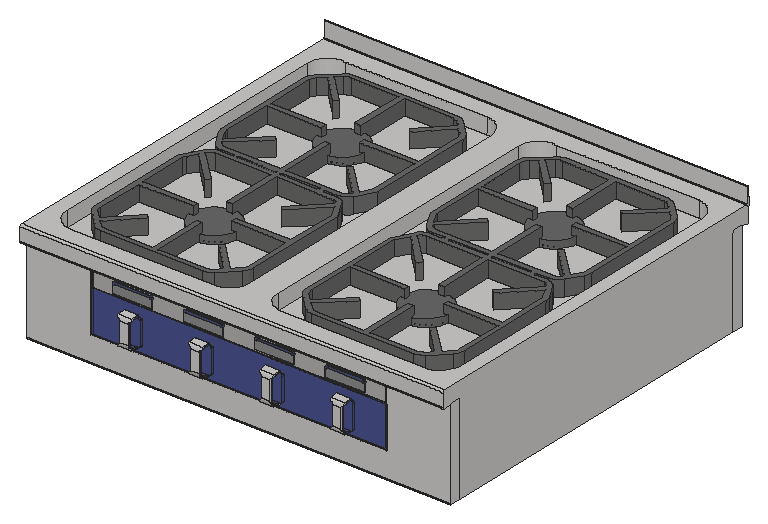
Revit family "QF_ELECTROLUXPROFESSIONAL_593308_MCGDACEOVO", category Specialty Equipment, Revit 2018
Family settings
  Round Connector Dimension = Use Diameter
  Part Type = Normal
  Work Plane-Based = No
  Always vertical = Yes
  Cut with Voids When Loaded = No
  Shared = No
  Room Calculation Point = No
Parameters (values of type "Standard")
  Weight = 41.00 kg
  Watts = 0 W
  Volts = 0 V
  URL Manufacturer = "http://professional.electrolux.com"
  URL = "http://professional.electrolux.com"
  Steam Supply Size = 0"
  Steam Supply Minimum Pressure = 0.00 psi
  Steam Supply Maximum Pressure = 0.00 psi
  Steam Pounds per Hour = 0
  Refrigeration Suction Line Size = 0 mm
  Refrigeration Liquid Line Size = 0 mm
  Refrigerant Compressor Remote = yes
  Phase = 0
  Model = "MCGDACEOVO"
  Manufacturer = "Electrolux Professional"
  Length Actual = 500 mm  # constant formula
  Item Number = "593308"
  Hot Water Size = 0"
  Height Actual = 250 mm  # constant formula
  HP = "0 HP"
  Gas Size = 1/2"
  Gas KW = 17
  Gas Input Pressure = 1.63571 Btu/h
  Direct Waste Size = 0"
  Description = "GAS TOP,2B,TOWNGAS,2S,500X900X250H"
  Depth Actual = 900 mm  # constant formula
  Cycle = 0 Hz
  Condensate Return Size = 0"
  Compressed Air Volume = 0 GPM
  Compressed Air Size = 0"
  Compressed Air Pressure = 0.00 psi
  Cold Water Size = 0"
  Back Panel [instance] = yes
  Accessory = yes
Reference planes
  plane 1 "BACK": y = 0
  plane 2: z = 0
  plane 3 "LEFT": x = 0
  plane 4 "RIGHT": x = 1000
  plane 5 "FRONT": y = -900
  plane 6 "TOP": z = 250
  plane 7: x = 500
  plane 8: y = -450
  plane 9: z = 288.006
  plane 10: x = 965
  plane 11: y = -60.425
Forms (mm)
  Extrusion 1, solid, material "QF_Finishes_Stainless Steel"
    sketch origin (0, -487.128, 0) x (0, 1, 0) y (0, 0, 1)
      loop
        line (483.128, 250) -> (-408.872, 250)
        arc (-408.872, 250) -> (-411.7, 248.828) -> (-412.872, 246) r 4
        line (-412.872, 246) -> (-412.872, 214)
        arc (-412.872, 214) -> (-411.437, 210.931) -> (-408.161, 210.064) r 4
        line (-408.161, 210.064) -> (-392.872, 213) -> (-367.872, 213) -> (-367.872, 0) -> (441.714, 0) -> (441.714, 213) -> (465.765, 213) -> (482.433, 210.061)
        arc (482.433, 210.061) -> (485.699, 210.936) -> (487.128, 214) r 4
        line (487.128, 214) -> (487.128, 246)
        arc (487.128, 246) -> (485.956, 248.828) -> (483.128, 250) r 4
    from 0 to 1000
  Extrusion 2, solid, material "QF_Finishes_Stainless Steel", visible <- "Back Panel"
    sketch origin (0, 0.586, 0) x (0, 1, 0) y (0, 0, 1)
      loop
        line (-46, 0) -> (-21, 0) -> (-21, 212.833) -> (-21.949, 213) -> (-46, 213) -> (-46, 0)
    from 0 to 1000
  Extrusion 3, void
    sketch origin (653.786, 44.048, 250) x (1, 0, 0) y (0, -1, 0)
      loop
        line (-570.234, 89.462) -> (-234.333, 89.462)
        arc (-234.333, 89.462) -> (-199.707, 103.805) -> (-185.364, 138.432) r 48.97
        line (-185.364, 138.432) -> (-185.364, 850.078)
        arc (-185.364, 850.078) -> (-199.707, 884.705) -> (-234.333, 899.048) r 48.97
        line (-234.333, 899.048) -> (-570.234, 899.048)
        arc (-570.234, 899.048) -> (-605.59, 884.403) -> (-620.234, 849.048) r 50
        line (-620.234, 849.048) -> (-620.234, 139.462)
        arc (-620.234, 139.462) -> (-605.59, 104.107) -> (-570.234, 89.462) r 50
      loop
        line (264.679, 899.048) -> (-71.222, 899.048)
        arc (-71.222, 899.048) -> (-106.577, 884.403) -> (-121.222, 849.048) r 50
        line (-121.222, 849.048) -> (-121.222, 139.462)
        arc (-121.222, 139.462) -> (-106.577, 104.107) -> (-71.222, 89.462) r 50
        line (-71.222, 89.462) -> (264.679, 89.462)
        arc (264.679, 89.462) -> (299.306, 103.805) -> (313.649, 138.432) r 48.97
        line (313.649, 138.432) -> (313.649, 850.078)
        arc (313.649, 850.078) -> (299.306, 884.705) -> (264.679, 899.048) r 48.97
    from 0 to 37
  Extrusion 4, solid, material "QF_Finishes_Stainless Steel"
    sketch origin (10, -759, 0) x (1, 0, 0) y (0, -1, 0)
      loop
        circle (955, -169) r 6.35
    from 0 to 3.2
  Extrusion 5, solid, material "QF_Finishes_Stainless Steel"
    sketch origin (0, -950.048, 0) x (0, -1, 0) y (0, 0, -1)
      loop
        arc (-948.097, -252.006) -> (-947.511, -250.592) -> (-946.097, -250.006) r 2
        arc (-946.097, -250.006) -> (-948.877, -248.828) -> (-950.048, -246) r 4
        line (-950.048, -246) -> (-950.048, -288.006) -> (-948.097, -288.006) -> (-948.097, -252.006)
    from 0 to 1000
Cuts and joins
  Extrusion 3 cuts Extrusion 1
Lines and regions (mm)
  symbolic lines
    curve 1: line (0, 0, 0) -> (1000, 0, 0)
    curve 2: line (0, -900, 0) -> (0, 0, 0)
    curve 3: line (1000, -900, 0) -> (0, -900, 0)
    curve 4: line (1000, 0, 0) -> (1000, -900, 0)
    curve 5: arc (83.552, -855, 0) -> (48.197, -840.355, 0) -> (33.552, -805, 0) r 50
    curve 6: line (33.552, -805, 0) -> (33.552, -95.414, 0)
    curve 7: arc (33.552, -95.414, 0) -> (48.197, -60.059, 0) -> (83.552, -45.414, 0) r 50
    curve 8: line (83.552, -45.414, 0) -> (417.592, -45.414, 0)
    curve 9: arc (918.465, -45.414, 0) -> (953.092, -59.757, 0) -> (967.435, -94.384, 0) r 48.97
    curve 10: line (967.435, -94.384, 0) -> (967.435, -806.03, 0)
    curve 11: arc (967.435, -806.03, 0) -> (953.092, -840.657, 0) -> (918.465, -855, 0) r 48.97
    curve 12: line (918.465, -855, 0) -> (582.408, -855, 0)
    curve 13: line (582.408, -45.414, 0) -> (918.465, -45.414, 0)
    curve 14: line (417.592, -855, 0) -> (83.552, -855, 0)
    curve 15: arc (582.408, -855, 0) -> (547.053, -840.355, 0) -> (532.408, -805, 0) r 50
    curve 16: line (532.408, -805, 0) -> (532.408, -95.414, 0)
    curve 17: arc (532.408, -95.414, 0) -> (547.053, -60.059, 0) -> (582.408, -45.414, 0) r 50
    curve 18: arc (417.592, -855, 0) -> (452.947, -840.355, 0) -> (467.592, -805, 0) r 50
    curve 19: line (467.592, -805, 0) -> (467.592, -95.414, 0)
    curve 20: arc (467.592, -95.414, 0) -> (452.947, -60.059, 0) -> (417.592, -45.414, 0) r 50
    curve 21: line (0, -1.951, 0) -> (1000, -1.951, 0)
Dimensions and locks
  plane 3 "LEFT" to plane 4 "RIGHT" = 1000 mm
  plane 5 "FRONT" to plane 1 "BACK" = 900 mm
  equal spacing: plane 3 "LEFT", plane 7, plane 4 "RIGHT"
  equal spacing: plane 5 "FRONT", plane 8, plane 1 "BACK"
  plane 6 "TOP" to level = 250 mm  (x2)
  plane 1 "BACK" to plane 5 "FRONT" = 900 mm
  Extrusion 4 sketch curve to plane 1 "BACK" = 590 mm
  Extrusion 4 sketch curve to plane 4 "RIGHT" = 35 mm
  plane 1 "BACK" to Extrusion 4 = 590 mm
  plane 10 to plane 4 "RIGHT" = 35 mm
  plane 9 to plane 6 "TOP" = 38.006 mm
  plane 9 to level = 288.006 mm
  aligned and locked: level to plane 2
  aligned and locked: Extrusion 1 to plane 4 "RIGHT"
Automatic sketch dimensions
  Extrusion 1 sketch curve to plane 5 "FRONT" = 0 mm
  Extrusion 1 sketch curve to plane 6 "TOP" = 0 mm
  Extrusion 1 sketch curve to level = 0 mm
  Extrusion 1 sketch curve to plane 1 "BACK" = 0 mm
  Extrusion 1 sketch curve to plane 6 "TOP" = 37 mm  (x2)
  Extrusion 1 sketch curve to plane 5 "FRONT" = 4 mm
  Extrusion 1 sketch curve to plane 5 "FRONT" = 20 mm
  Extrusion 1 sketch curve to plane 5 "FRONT" = 45 mm
  plane 1 "BACK" to Extrusion 1 sketch curve = 21.363 mm
  plane 1 "BACK" to Extrusion 1 sketch curve = 4 mm  (x2)
  Extrusion 1 sketch curve to Extrusion 1 sketch curve = 4 mm
  Extrusion 1 sketch curve to Extrusion 1 sketch curve = 0.711 mm
  plane 1 "BACK" to Extrusion 1 sketch curve = 4.695 mm
  Extrusion 1 sketch curve to Extrusion 1 sketch curve = 0 mm  (x2)
  Extrusion 1 sketch curve to Extrusion 1 sketch curve = 1 mm  (x2)
  plane 1 "BACK" to Extrusion 1 sketch curve = 45.414 mm
  Extrusion 2 sketch curve to level = 0 mm
  plane 11 to Extrusion 2 sketch curve = 15.012 mm
  Extrusion 2 sketch curve to plane 6 "TOP" = 37.167 mm
  Extrusion 2 sketch curve to Extrusion 2 sketch curve = 0.949 mm
  plane 1 "BACK" to Extrusion 2 sketch curve = 20.414 mm
  Extrusion 2 sketch curve to plane 6 "TOP" = 37 mm
  Extrusion 5 sketch curve to plane 1 "BACK" = 0 mm  (x2)
  Extrusion 5 sketch curve to plane 6 "TOP" = 2.006 mm
  Extrusion 5 sketch curve to plane 6 "TOP" = 0 mm
  Extrusion 5 sketch curve to Extrusion 5 sketch curve = 1.951 mm
  Extrusion 5 sketch curve to Extrusion 5 sketch curve = 2 mm
  Extrusion 5 sketch curve to Extrusion 5 sketch curve = 0.049 mm
  Extrusion 5 sketch curve to Extrusion 5 sketch curve = 36 mm
  Extrusion 5 sketch curve to Extrusion 5 sketch curve = 0 mm
  plane 1 "BACK" to curve 1 = 0 mm
  curve 1 to plane 4 "RIGHT" = 0 mm
  curve 2 to plane 3 "LEFT" = 0 mm
  plane 5 "FRONT" to curve 2 = 0 mm
  curve 21 to plane 3 "LEFT" = 0 mm
  curve 10 to plane 10 = 2.435 mm
  plane 10 to curve 12 = 46.535 mm
  plane 11 to curve 13 = 15.012 mm
  plane 10 to curve 13 = 46.535 mm
  plane 7 to curve 12 = 82.408 mm
  plane 7 to curve 13 = 82.408 mm
  plane 7 to curve 16 = 32.408 mm
  curve 19 to plane 7 = 32.408 mm
  curve 14 to plane 5 "FRONT" = 45 mm
  curve 19 to curve 14 = 50 mm
  plane 11 to curve 8 = 15.012 mm
  curve 19 to curve 8 = 50 mm
  plane 3 "LEFT" to curve 8 = 83.552 mm
  plane 3 "LEFT" to curve 14 = 83.552 mm
  plane 3 "LEFT" to curve 6 = 33.552 mm
  curve 18 to curve 16 = 0 mm
  curve 1 to curve 21 = 1.951 mm
  Extrusion 1 to Extrusion 3 sketch curve = 33.552 mm
  Extrusion 1 to Extrusion 3 sketch curve = 41 mm  (x2)
  Extrusion 3 sketch curve to Extrusion 3 sketch curve = 50 mm  (x4)
  Extrusion 1 to Extrusion 3 sketch curve = 41.414 mm
  Extrusion 3 sketch curve to Extrusion 3 sketch curve = 335.901 mm  (x2)
  Extrusion 3 sketch curve to Extrusion 3 sketch curve = 48.97 mm
  Extrusion 3 sketch curve to Extrusion 3 sketch curve = 64.142 mm
  Extrusion 1 to Extrusion 3 sketch curve = 81.535 mm  (x2)
  Extrusion 1 to Extrusion 3 sketch curve = 32.565 mm
  Extrusion 3 sketch curve to Extrusion 3 sketch curve = 1.03 mm
  radius of Extrusion 4 sketch curve = 6.35 mm
Nested families
  nested 1: "OBT_900_Open Burner" at (250, -450.207, -649.319), type "OBT_900_Open Burner"
  nested 2: "OBT_900_Open Burner" at (750, -450.207, -649.319) x (-1, 0, 0) z (0, 0, 1), type "OBT_900_Open Burner"
  nested 3: "EG_900_1000_Four Range Control Handle Front Panel" at (202.376, -855, -650), type "EG_900_1000_Four Range Control Handle Front Panel"
Connectors
  piping at (965, -590, -3.2), diameter 12.8
    settings: on Extrusion 4, index 1, connector inside diameter 0.50394", connector length 0 mm, flow factor 0, pipe flow 0 GPM, pressure drop 0.00 psi, fitting loss kfactor 0, connector angle 0.00°, fixture units 0, engagement length 0 mm, angle of deflection 0.00°, flow configuration 1, flow direction 1, fitting loss method 0, system type 7, joint type 0, gender type 0, connector reference index -1, connector utility 0, adjustable connector no, is connector primary yes, connector description "GAS CONNECTION"
Definition of nested family "OBT_900_Open Burner"
  Reference planes
    plane 1 "Center (Front/Back)": y = 0
    plane 2: z = 0
    plane 3 "Center (Left/Right)": x = 0
    plane 4: x = -186.448
    plane 5: x = 187.435
    plane 6: y = 374.793
    plane 7: y = -374.793
    plane 8: y = -188.326
  Forms (mm)
    Extrusion 1, solid
      sketch origin (2130.573, 56.896, -679.622) x (1, 0, 0) y (0, 1, 0)
        loop
          line (-2137.44, 306.49) -> (-2250.793, 306.49)
          arc (-2250.793, 306.49) -> (-2257.908, 305.075) -> (-2263.94, 301.044) r 18.593
          line (-2263.94, 301.044) -> (-2276.233, 288.751) -> (-2213.48, 225.998) -> (-2221.6, 217.877) -> (-2284.354, 280.631) -> (-2300.33, 264.654)
          arc (-2300.33, 264.654) -> (-2304.433, 258.337) -> (-2305.614, 250.897) r 18.125
          line (-2305.614, 250.897) -> (-2305.614, 138.422) -> (-2175.79, 138.422) -> (-2175.79, 126.938) -> (-2305.614, 126.938) -> (-2305.614, 10.897)
          arc (-2305.614, 10.897) -> (-2304.981, 6.085) -> (-2303.123, 1.601) r 18.593
          line (-2303.123, 1.601) -> (-2290.078, -20.994) -> (-2221.6, 47.483) -> (-2213.48, 39.363) -> (-2284.012, -31.169)
          arc (-2284.012, -31.169) -> (-2278.546, -38.527) -> (-2270.23, -42.379) r 18.593
          line (-2270.23, -42.379) -> (-2137.44, -42.379) -> (-2137.44, 87.464) -> (-2123.707, 87.464) -> (-2123.707, -42.379) -> (-1989.813, -42.379)
          arc (-1989.813, -42.379) -> (-1981.496, -38.527) -> (-1976.031, -31.169) r 18.593
          line (-1976.031, -31.169) -> (-2047.115, 39.915) -> (-2038.994, 48.035) -> (-1969.962, -20.997) -> (-1954.428, 5.916) -> (-1954.428, 126.938) -> (-2085.357, 126.938) -> (-2085.357, 138.422) -> (-1954.428, 138.422) -> (-1954.428, 247.888)
          arc (-1954.428, 247.888) -> (-1956.538, 258.496) -> (-1962.547, 267.489) r 27.72
          line (-1962.547, 267.489) -> (-1975.689, 280.631) -> (-2038.994, 217.325) -> (-2047.115, 225.446) -> (-1983.809, 288.751) -> (-1996.102, 301.044)
          arc (-1996.102, 301.044) -> (-2002.134, 305.075) -> (-2009.25, 306.49) r 18.593
          line (-2009.25, 306.49) -> (-2123.707, 306.49) -> (-2123.707, 177.897) -> (-2137.44, 177.897) -> (-2137.44, 306.49)
        loop
          arc (-2317.021, 10.897) -> (-2315.999, 3.132) -> (-2313.002, -4.103) r 30
          line (-2313.002, -4.103) -> (-2292.795, -39.103)
          arc (-2292.795, -39.103) -> (-2281.814, -50.084) -> (-2266.814, -54.103) r 30
          line (-2266.814, -54.103) -> (-2239.287, -54.103)
          arc (-2239.287, -54.103) -> (-2238.243, -56) -> (-2236.272, -56.896) r 3.438
          arc (-2236.272, -56.896) -> (-2238.243, -57.792) -> (-2239.287, -59.689) r 3.438
          line (-2239.287, -59.689) -> (-2266.814, -59.689)
          arc (-2266.814, -59.689) -> (-2281.814, -63.708) -> (-2292.795, -74.689) r 30
          line (-2292.795, -74.689) -> (-2313.002, -109.689)
          arc (-2313.002, -109.689) -> (-2315.999, -116.924) -> (-2317.021, -124.689) r 30
          line (-2317.021, -124.689) -> (-2317.021, -365.461)
          arc (-2317.021, -365.461) -> (-2314.738, -376.941) -> (-2308.234, -386.674) r 30
          line (-2308.234, -386.674) -> (-2271.975, -422.933)
          arc (-2271.975, -422.933) -> (-2262.253, -429.414) -> (-2250.793, -431.689) r 30
          line (-2250.793, -431.689) -> (-2009.25, -431.689)
          arc (-2009.25, -431.689) -> (-1997.786, -429.412) -> (-1988.062, -422.928) r 30
          line (-1988.062, -422.928) -> (-1951.808, -386.674)
          arc (-1951.808, -386.674) -> (-1945.305, -376.941) -> (-1942.982, -365.461) r 30
          line (-1942.982, -365.461) -> (-1942.982, -116.719) -> (-1967.248, -74.689)
          arc (-1967.248, -74.689) -> (-1978.229, -63.708) -> (-1993.229, -59.689) r 30
          line (-1993.229, -59.689) -> (-2020.319, -59.689)
          arc (-2020.319, -59.689) -> (-2021.979, -57.759) -> (-2024.375, -56.896) r 5
          arc (-2024.375, -56.896) -> (-2021.979, -56.033) -> (-2020.319, -54.103) r 5
          line (-2020.319, -54.103) -> (-1993.229, -54.103)
          arc (-1993.229, -54.103) -> (-1978.229, -50.084) -> (-1967.248, -39.103) r 30
          line (-1967.248, -39.103) -> (-1943.138, 2.656) -> (-1943.138, 254.314)
          arc (-1943.138, 254.314) -> (-1945.839, 264.361) -> (-1951.808, 272.882) r 30
          line (-1951.808, 272.882) -> (-1988.062, 309.136)
          arc (-1988.062, 309.136) -> (-1997.786, 315.62) -> (-2009.25, 317.897) r 30
          line (-2009.25, 317.897) -> (-2250.793, 317.897)
          arc (-2250.793, 317.897) -> (-2262.253, 315.622) -> (-2271.975, 309.141) r 30
          line (-2271.975, 309.141) -> (-2308.234, 272.882)
          arc (-2308.234, 272.882) -> (-2314.738, 263.149) -> (-2317.021, 251.669) r 30
          line (-2317.021, 251.669) -> (-2317.021, 10.897)
        loop
          arc (-2122.397, -54.103) -> (-2124.057, -56.033) -> (-2126.452, -56.896) r 5
          arc (-2126.452, -56.896) -> (-2124.057, -57.759) -> (-2122.397, -59.689) r 5
          line (-2122.397, -59.689) -> (-2035.829, -59.689)
          arc (-2035.829, -59.689) -> (-2034.784, -57.792) -> (-2032.813, -56.896) r 3.438
          arc (-2032.813, -56.896) -> (-2034.784, -56) -> (-2035.829, -54.103) r 3.438
          line (-2035.829, -54.103) -> (-2122.397, -54.103)
        loop
          arc (-2223.778, -54.103) -> (-2225.438, -56.033) -> (-2227.833, -56.896) r 5
          arc (-2227.833, -56.896) -> (-2225.438, -57.759) -> (-2223.778, -59.689) r 5
          line (-2223.778, -59.689) -> (-2137.906, -59.689)
          arc (-2137.906, -59.689) -> (-2136.862, -57.792) -> (-2134.891, -56.896) r 3.438
          arc (-2134.891, -56.896) -> (-2136.862, -56) -> (-2137.906, -54.103) r 3.438
          line (-2137.906, -54.103) -> (-2223.778, -54.103)
        loop
          line (-2137.44, -420.282) -> (-2137.44, -290.439) -> (-2123.707, -290.439) -> (-2123.707, -420.282) -> (-2009.25, -420.282)
          arc (-2009.25, -420.282) -> (-2002.134, -418.867) -> (-1996.102, -414.836) r 18.593
          line (-1996.102, -414.836) -> (-1983.184, -401.918) -> (-2047.115, -337.988) -> (-2038.994, -329.867) -> (-1975.064, -393.798) -> (-1962.547, -381.281)
          arc (-1962.547, -381.281) -> (-1956.538, -372.288) -> (-1954.428, -361.68) r 27.72
          line (-1954.428, -361.68) -> (-1954.428, -250.964) -> (-2085.357, -250.964) -> (-2085.357, -239.48) -> (-1954.428, -239.48) -> (-1954.428, -119.708) -> (-1970.42, -92.003) -> (-2038.994, -160.577) -> (-2047.115, -152.457) -> (-1976.413, -81.755)
          arc (-1976.413, -81.755) -> (-1981.868, -74.971) -> (-1989.813, -71.413) r 18.593
          line (-1989.813, -71.413) -> (-2123.707, -71.413) -> (-2123.707, -200.006) -> (-2137.44, -200.006) -> (-2137.44, -71.413) -> (-2270.23, -71.413)
          arc (-2270.23, -71.413) -> (-2278.175, -74.971) -> (-2283.629, -81.755) r 18.593
          line (-2283.629, -81.755) -> (-2213.48, -151.905) -> (-2221.6, -160.025) -> (-2289.62, -92.005) -> (-2303.123, -115.393)
          arc (-2303.123, -115.393) -> (-2304.981, -119.877) -> (-2305.614, -124.689) r 18.593
          line (-2305.614, -124.689) -> (-2305.614, -239.48) -> (-2175.79, -239.48) -> (-2175.79, -250.964) -> (-2305.614, -250.964) -> (-2305.614, -364.689)
          arc (-2305.614, -364.689) -> (-2304.433, -372.129) -> (-2300.33, -378.446) r 18.125
          line (-2300.33, -378.446) -> (-2284.979, -393.798) -> (-2221.6, -330.419) -> (-2213.48, -338.54) -> (-2276.858, -401.918) -> (-2263.94, -414.836)
          arc (-2263.94, -414.836) -> (-2257.908, -418.867) -> (-2250.793, -420.282) r 18.593
          line (-2250.793, -420.282) -> (-2137.44, -420.282)
      from 1542.072 to 1578.941
    Extrusion 2, solid
      sketch origin (2130.573, 61.122, 0) x (1, 0, 0) y (0, 1, 0)
        loop
          circle (-2130.573, -249.448) r 55
        loop
          circle (-2130.573, 128.455) r 55
      from 862.45 to 879.837
    Extrusion 3, void
      sketch origin (-124.371, -355.785, -22.784) x (-0.587785, -0.809017, 0) y (0, 0, 1)
        loop
          circle (-213.495, 891.283) r 1
      from -67.69 to -35.114
    Extrusion 4, void
      sketch origin (-89.903, -376.417, -22.784) x (-0.422618, -0.906308, 0) y (0, 0, 1)
        loop
          circle (-213.495, 891.283) r 1
      from -74.826 to -35.114
    Extrusion 5, void
      sketch origin (-52.131, -390.093, -22.784) x (-0.241922, -0.970296, 0) y (0, 0, 1)
        loop
          circle (-213.495, 891.283) r 1
      from -67.69 to -35.114
    Extrusion 6, void
      sketch origin (27.702, -394.842, -22.784) x (0.139173, -0.990268, 0) y (0, 0, 1)
        loop
          circle (-213.495, 891.283) r 1
      from -67.69 to -35.114
    Extrusion 7, void
      sketch origin (66.829, -385.74, -22.784) x (0.325568, -0.945519, 0) y (0, 0, 1)
        loop
          circle (-213.495, 891.283) r 1
      from -67.69 to -35.114
    Extrusion 8, void
      sketch origin (103.5, -369.339, -22.784) x (0.5, -0.866025, 0) y (0, 0, 1)
        loop
          circle (-213.495, 891.283) r 1
      from -67.69 to -35.114
    Extrusion 9, void
      sketch origin (136.368, -346.242, -22.784) x (0.656059, -0.75471, 0) y (0, 0, 1)
        loop
          circle (-213.495, 891.283) r 1
      from -67.69 to -35.114
    Extrusion 10, void
      sketch origin (164.225, -317.298, -22.784) x (0.788011, -0.615661, 0) y (0, 0, 1)
        loop
          circle (-213.495, 891.283) r 1
      from -67.69 to -35.114
    Extrusion 11, void
      sketch origin (186.048, -283.571, -22.784) x (0.891007, -0.45399, 0) y (0, 0, 1)
        loop
          circle (-213.495, 891.283) r 1
      from -67.69 to -35.114
    Extrusion 12, void
      sketch origin (201.034, -246.299, -22.784) x (0.961262, -0.275637, 0) y (0, 0, 1)
        loop
          circle (-213.495, 891.283) r 1
      from -67.69 to -35.114
    Extrusion 13, void
      sketch origin (208.566, -166.681, -22.784) x (0.994522, 0.104528, 0) y (0, 0, 1)
        loop
          circle (-213.495, 891.283) r 1
      from -67.69 to -35.114
    Extrusion 14, void
      sketch origin (200.835, -127.26, -22.784) x (0.956305, 0.292372, 0) y (0, 0, 1)
        loop
          circle (-213.495, 891.283) r 1
      from -67.69 to -35.114
    Extrusion 15, void
      sketch origin (185.724, -90.039, -22.784) x (0.882948, 0.469472, 0) y (0, 0, 1)
        loop
          circle (-213.495, 891.283) r 1
      from -67.69 to -35.114
    Extrusion 16, void
      sketch origin (163.788, -56.385, -22.784) x (0.777146, 0.62932, 0) y (0, 0, 1)
        loop
          circle (-213.495, 891.283) r 1
      from -67.69 to -35.114
    Extrusion 17, void
      sketch origin (135.834, -27.534, -22.784) x (0.642788, 0.766044, 0) y (0, 0, 1)
        loop
          circle (-213.495, 891.283) r 1
      from -67.69 to -35.114
    Extrusion 18, void
      sketch origin (102.889, -4.548, -22.784) x (0.48481, 0.87462, 0) y (0, 0, 1)
        loop
          circle (-213.495, 891.283) r 1
      from -67.69 to -35.114
    Extrusion 19, void
      sketch origin (66.163, 11.73, -22.784) x (0.309017, 0.951057, 0) y (0, 0, 1)
        loop
          circle (-213.495, 891.283) r 1
      from -67.69 to -35.114
    Extrusion 20, void
      sketch origin (-52.811, 15.685, -22.784) x (-0.258819, 0.965926, 0) y (0, 0, 1)
        loop
          circle (-213.495, 891.283) r 1
      from -67.69 to -35.114
    Extrusion 21, void
      sketch origin (-90.537, 1.882, -22.784) x (-0.438371, 0.898794, 0) y (0, 0, 1)
        loop
          circle (-213.495, 891.283) r 1
      from -67.69 to -35.114
    Extrusion 22, void
      sketch origin (-124.936, -18.865, -22.784) x (-0.601815, 0.798636, 0) y (0, 0, 1)
        loop
          circle (-213.495, 891.283) r 1
      from -67.69 to -35.114
    Extrusion 23, void
      sketch origin (-154.744, -45.796, -22.784) x (-0.743145, 0.669131, 0) y (0, 0, 1)
        loop
          circle (-213.495, 891.283) r 1
      from -67.69 to -35.114
    Extrusion 24, void
      sketch origin (-178.866, -77.919, -22.784) x (-0.857167, 0.515038, 0) y (0, 0, 1)
        loop
          circle (-213.495, 891.283) r 1
      from -67.69 to -35.114
    Extrusion 25, void
      sketch origin (-196.416, -114.054, -22.784) x (-0.939693, 0.34202, 0) y (0, 0, 1)
        loop
          circle (-213.495, 891.283) r 1
      from -67.69 to -35.114
    Extrusion 26, void
      sketch origin (-204.521, -232.817, -22.784) x (-0.97437, -0.224951, 0) y (0, 0, 1)
        loop
          circle (-213.495, 891.283) r 1
      from -67.69 to -35.114
    Extrusion 27, void
      sketch origin (-192.043, -271.002, -22.784) x (-0.913545, -0.406737, 0) y (0, 0, 1)
        loop
          circle (-213.495, 891.283) r 1
      from -67.69 to -35.114
    Extrusion 28, void
      sketch origin (-172.509, -306.104, -22.784) x (-0.819152, -0.573576, 0) y (0, 0, 1)
        loop
          circle (-213.495, 891.283) r 1
      from -67.69 to -35.114
    Extrusion 29, void
      sketch origin (-146.635, -336.834, -22.784) x (-0.694658, -0.71934, 0) y (0, 0, 1)
        loop
          circle (-213.495, 891.283) r 1
      from -67.69 to -35.114
    Extrusion 30, void
      sketch origin (-124.371, 22.118, -22.784) x (-0.587785, -0.809017, 0) y (0, 0, 1)
        loop
          circle (-213.495, 891.283) r 1
      from -67.69 to -35.114
    Extrusion 31, void
      sketch origin (-89.903, 1.485, -22.784) x (-0.422618, -0.906308, 0) y (0, 0, 1)
        loop
          circle (-213.495, 891.283) r 1
      from -74.826 to -35.114
    Extrusion 32, void
      sketch origin (-52.131, -12.191, -22.784) x (-0.241922, -0.970296, 0) y (0, 0, 1)
        loop
          circle (-213.495, 891.283) r 1
      from -67.69 to -35.114
    Extrusion 33, void
      sketch origin (27.702, -16.939, -22.784) x (0.139173, -0.990268, 0) y (0, 0, 1)
        loop
          circle (-213.495, 891.283) r 1
      from -67.69 to -35.114
    Extrusion 34, void
      sketch origin (66.829, -7.837, -22.784) x (0.325568, -0.945519, 0) y (0, 0, 1)
        loop
          circle (-213.495, 891.283) r 1
      from -67.69 to -35.114
    Extrusion 35, void
      sketch origin (103.5, 8.564, -22.784) x (0.5, -0.866025, 0) y (0, 0, 1)
        loop
          circle (-213.495, 891.283) r 1
      from -67.69 to -35.114
    Extrusion 36, void
      sketch origin (136.368, 31.66, -22.784) x (0.656059, -0.75471, 0) y (0, 0, 1)
        loop
          circle (-213.495, 891.283) r 1
      from -67.69 to -35.114
    Extrusion 37, void
      sketch origin (164.225, 60.604, -22.784) x (0.788011, -0.615661, 0) y (0, 0, 1)
        loop
          circle (-213.495, 891.283) r 1
      from -67.69 to -35.114
    Extrusion 38, void
      sketch origin (186.048, 94.332, -22.784) x (0.891007, -0.45399, 0) y (0, 0, 1)
        loop
          circle (-213.495, 891.283) r 1
      from -67.69 to -35.114
    Extrusion 39, void
      sketch origin (201.034, 131.603, -22.784) x (0.961262, -0.275637, 0) y (0, 0, 1)
        loop
          circle (-213.495, 891.283) r 1
      from -67.69 to -35.114
    Extrusion 40, void
      sketch origin (208.566, 211.222, -22.784) x (0.994522, 0.104528, 0) y (0, 0, 1)
        loop
          circle (-213.495, 891.283) r 1
      from -67.69 to -35.114
    Extrusion 41, void
      sketch origin (200.835, 250.642, -22.784) x (0.956305, 0.292372, 0) y (0, 0, 1)
        loop
          circle (-213.495, 891.283) r 1
      from -67.69 to -35.114
    Extrusion 42, void
      sketch origin (185.724, 287.864, -22.784) x (0.882948, 0.469472, 0) y (0, 0, 1)
        loop
          circle (-213.495, 891.283) r 1
      from -67.69 to -35.114
    Extrusion 43, void
      sketch origin (163.788, 321.518, -22.784) x (0.777146, 0.62932, 0) y (0, 0, 1)
        loop
          circle (-213.495, 891.283) r 1
      from -67.69 to -35.114
    Extrusion 44, void
      sketch origin (135.834, 350.368, -22.784) x (0.642788, 0.766044, 0) y (0, 0, 1)
        loop
          circle (-213.495, 891.283) r 1
      from -67.69 to -35.114
    Extrusion 45, void
      sketch origin (102.889, 373.355, -22.784) x (0.48481, 0.87462, 0) y (0, 0, 1)
        loop
          circle (-213.495, 891.283) r 1
      from -67.69 to -35.114
    Extrusion 46, void
      sketch origin (66.163, 389.633, -22.784) x (0.309017, 0.951057, 0) y (0, 0, 1)
        loop
          circle (-213.495, 891.283) r 1
      from -67.69 to -35.114
    Extrusion 47, void
      sketch origin (-52.811, 393.588, -22.784) x (-0.258819, 0.965926, 0) y (0, 0, 1)
        loop
          circle (-213.495, 891.283) r 1
      from -67.69 to -35.114
    Extrusion 48, void
      sketch origin (-90.537, 379.785, -22.784) x (-0.438371, 0.898794, 0) y (0, 0, 1)
        loop
          circle (-213.495, 891.283) r 1
      from -67.69 to -35.114
    Extrusion 49, void
      sketch origin (-124.936, 359.037, -22.784) x (-0.601815, 0.798636, 0) y (0, 0, 1)
        loop
          circle (-213.495, 891.283) r 1
      from -67.69 to -35.114
    Extrusion 50, void
      sketch origin (-154.744, 332.107, -22.784) x (-0.743145, 0.669131, 0) y (0, 0, 1)
        loop
          circle (-213.495, 891.283) r 1
      from -67.69 to -35.114
    Extrusion 51, void
      sketch origin (-178.866, 299.984, -22.784) x (-0.857167, 0.515038, 0) y (0, 0, 1)
        loop
          circle (-213.495, 891.283) r 1
      from -67.69 to -35.114
    Extrusion 52, void
      sketch origin (-196.416, 263.848, -22.784) x (-0.939693, 0.34202, 0) y (0, 0, 1)
        loop
          circle (-213.495, 891.283) r 1
      from -67.69 to -35.114
    Extrusion 53, void
      sketch origin (-204.521, 145.086, -22.784) x (-0.97437, -0.224951, 0) y (0, 0, 1)
        loop
          circle (-213.495, 891.283) r 1
      from -67.69 to -35.114
    Extrusion 54, void
      sketch origin (-192.043, 106.901, -22.784) x (-0.913545, -0.406737, 0) y (0, 0, 1)
        loop
          circle (-213.495, 891.283) r 1
      from -67.69 to -35.114
    Extrusion 55, void
      sketch origin (-172.509, 71.798, -22.784) x (-0.819152, -0.573576, 0) y (0, 0, 1)
        loop
          circle (-213.495, 891.283) r 1
      from -67.69 to -35.114
    Extrusion 56, void
      sketch origin (-146.635, 41.068, -22.784) x (-0.694658, -0.71934, 0) y (0, 0, 1)
        loop
          circle (-213.495, 891.283) r 1
      from -67.69 to -35.114
  Cuts and joins
    Extrusion 3, Extrusion 4, Extrusion 5, Extrusion 6, Extrusion 7, Extrusion 8, Extrusion 9, Extrusion 10, Extrusion 11, Extrusion 12, Extrusion 13, Extrusion 14, Extrusion 15, Extrusion 16, Extrusion 17, Extrusion 18, Extrusion 19, Extrusion 20, Extrusion 21, Extrusion 22, Extrusion 23, Extrusion 24, Extrusion 25, Extrusion 26, Extrusion 27, Extrusion 28, Extrusion 29, Extrusion 30, Extrusion 31, Extrusion 32, Extrusion 33, Extrusion 34, Extrusion 35, Extrusion 36, Extrusion 37, Extrusion 38, Extrusion 39, Extrusion 40, Extrusion 41, Extrusion 42, Extrusion 43, Extrusion 44, Extrusion 45, Extrusion 46, Extrusion 47, Extrusion 48, Extrusion 49, Extrusion 50, Extrusion 51, Extrusion 52, Extrusion 53, Extrusion 54, Extrusion 55, Extrusion 56 cuts Extrusion 2
    Extrusion 32 cuts Extrusion 1
  Lines and regions (mm)
    symbolic lines
      curve 1: arc (54.699, -182.584, 0) -> (39.289, -149.838, 0) -> (6.867, -133.757, 0) r 55
      curve 2: arc (-54.699, -194.068, 0) -> (-39.289, -226.815, 0) -> (-6.867, -242.896, 0) r 55
      curve 3: line (45.217, -194.068, 0) -> (176.145, -194.068, 0)
      curve 4: line (176.145, -194.068, 0) -> (176.145, -304.784, 0)
      curve 5: arc (176.145, -304.784, 0) -> (174.035, -315.392, 0) -> (168.026, -324.385, 0) r 27.72
      curve 6: line (168.026, -324.385, 0) -> (155.51, -336.902, 0)
      curve 7: line (155.51, -336.902, 0) -> (91.579, -272.971, 0)
      curve 8: line (83.459, -281.092, 0) -> (147.389, -345.022, 0)
      curve 9: line (147.389, -345.022, 0) -> (134.471, -357.94, 0)
      curve 10: arc (134.471, -357.94, 0) -> (128.439, -361.971, 0) -> (121.324, -363.386, 0) r 18.593
      curve 11: line (121.324, -363.386, 0) -> (6.867, -363.386, 0)
      curve 12: line (6.867, -363.386, 0) -> (6.867, -233.543, 0)
      curve 13: line (-6.867, -233.543, 0) -> (-6.867, -363.386, 0)
      curve 14: line (-6.867, -363.386, 0) -> (-120.219, -363.386, 0)
      curve 15: arc (-120.219, -363.386, 0) -> (-127.335, -361.971, 0) -> (-133.367, -357.94, 0) r 18.593
      curve 16: line (-133.367, -357.94, 0) -> (-146.285, -345.022, 0)
      curve 17: line (-146.285, -345.022, 0) -> (-82.906, -281.644, 0)
      curve 18: line (-91.027, -273.523, 0) -> (-154.405, -336.902, 0)
      curve 19: line (-154.405, -336.902, 0) -> (-169.757, -321.55, 0)
      curve 20: arc (-169.757, -321.55, 0) -> (-173.86, -315.233, 0) -> (-175.041, -307.793, 0) r 18.125
      curve 21: line (-175.041, -307.793, 0) -> (-175.041, -194.068, 0)
      curve 22: line (-175.041, -194.068, 0) -> (-45.217, -194.068, 0)
      curve 23: line (-45.217, -182.584, 0) -> (-175.041, -182.584, 0)
      curve 24: line (-175.041, -182.584, 0) -> (-175.041, -67.793, 0)
      curve 25: arc (-175.041, -67.793, 0) -> (-174.407, -62.981, 0) -> (-172.55, -58.497, 0) r 18.593
      curve 26: line (-172.55, -58.497, 0) -> (-159.047, -35.109, 0)
      curve 27: line (-159.047, -35.109, 0) -> (-91.027, -103.129, 0)
      curve 28: line (-82.906, -95.009, 0) -> (-153.056, -24.859, 0)
      curve 29: arc (-153.056, -24.859, 0) -> (-147.601, -18.075, 0) -> (-139.656, -14.517, 0) r 18.593
      curve 30: line (-139.656, -14.517, 0) -> (-6.867, -14.517, 0)
      curve 31: line (-6.867, -14.517, 0) -> (-6.867, -143.11, 0)
      curve 32: line (6.867, -143.11, 0) -> (6.867, -14.517, 0)
      curve 33: line (6.867, -14.517, 0) -> (140.761, -14.517, 0)
      curve 34: arc (140.761, -14.517, 0) -> (148.706, -18.075, 0) -> (154.16, -24.859, 0) r 18.593
      curve 35: line (154.16, -24.859, 0) -> (83.459, -95.561, 0)
      curve 36: line (91.579, -103.681, 0) -> (160.154, -35.107, 0)
      curve 37: line (160.154, -35.107, 0) -> (176.145, -62.812, 0)
      curve 38: line (176.145, -62.812, 0) -> (176.145, -182.584, 0)
      curve 39: line (176.145, -182.584, 0) -> (45.217, -182.584, 0)
      curve 40: line (187.592, -59.823, 0) -> (163.326, -17.793, 0)
      curve 41: arc (163.326, -17.793, 0) -> (152.345, -6.812, 0) -> (137.345, -2.793, 0) r 30
      curve 42: line (137.345, -2.793, 0) -> (110.254, -2.793, 0)
      curve 43: arc (110.254, -2.793, 0) -> (108.594, -0.863, 0) -> (106.199, 0, 0) r 5
      curve 44: arc (106.199, 0, 0) -> (108.594, 0.863, 0) -> (110.254, 2.793, 0) r 5
      curve 45: line (110.254, 2.793, 0) -> (137.345, 2.793, 0)
      curve 46: arc (137.345, 2.793, 0) -> (152.345, 6.812, 0) -> (163.326, 17.793, 0) r 30
      curve 47: line (163.326, 17.793, 0) -> (187.435, 59.552, 0)
      curve 48: line (187.435, 59.552, 0) -> (187.435, 311.21, 0)
      curve 49: arc (187.435, 311.21, 0) -> (184.735, 321.257, 0) -> (178.765, 329.778, 0) r 30
      curve 50: line (178.765, 329.778, 0) -> (142.511, 366.032, 0)
      curve 51: arc (142.511, 366.032, 0) -> (132.788, 372.516, 0) -> (121.324, 374.793, 0) r 30
      curve 52: line (121.324, 374.793, 0) -> (-120.219, 374.793, 0)
      curve 53: arc (-120.219, 374.793, 0) -> (-131.68, 372.518, 0) -> (-141.401, 366.037, 0) r 30
      curve 54: line (-141.401, 366.037, 0) -> (-177.661, 329.778, 0)
      curve 55: arc (-177.661, 329.778, 0) -> (-184.164, 320.045, 0) -> (-186.448, 308.565, 0) r 30
      curve 56: line (-186.448, 308.565, 0) -> (-186.448, 67.793, 0)
      curve 57: arc (-186.448, 67.793, 0) -> (-185.426, 60.028, 0) -> (-182.429, 52.793, 0) r 30
      curve 58: line (-182.429, 52.793, 0) -> (-162.221, 17.793, 0)
      curve 59: arc (-162.221, 17.793, 0) -> (-151.241, 6.812, 0) -> (-136.241, 2.793, 0) r 30
      curve 60: line (-136.241, 2.793, 0) -> (-108.714, 2.793, 0)
      curve 61: arc (-108.714, 2.793, 0) -> (-107.669, 0.896, 0) -> (-105.698, 0, 0) r 3.438
      curve 62: arc (-105.698, 0, 0) -> (-107.669, -0.896, 0) -> (-108.714, -2.793, 0) r 3.438
      curve 63: line (-108.714, -2.793, 0) -> (-136.241, -2.793, 0)
      curve 64: arc (-136.241, -2.793, 0) -> (-151.241, -6.812, 0) -> (-162.221, -17.793, 0) r 30
      curve 65: line (-162.221, -17.793, 0) -> (-182.429, -52.793, 0)
      curve 66: arc (-182.429, -52.793, 0) -> (-185.426, -60.028, 0) -> (-186.448, -67.793, 0) r 30
      curve 67: line (-186.448, -67.793, 0) -> (-186.448, -308.565, 0)
      curve 68: arc (-186.448, -308.565, 0) -> (-184.164, -320.045, 0) -> (-177.661, -329.778, 0) r 30
      curve 69: line (-177.661, -329.778, 0) -> (-141.401, -366.037, 0)
      curve 70: arc (-141.401, -366.037, 0) -> (-131.68, -372.518, 0) -> (-120.219, -374.793, 0) r 30
      curve 71: line (-120.219, -374.793, 0) -> (121.324, -374.793, 0)
      curve 72: arc (121.324, -374.793, 0) -> (132.788, -372.516, 0) -> (142.511, -366.032, 0) r 30
      curve 73: line (142.511, -366.032, 0) -> (178.765, -329.778, 0)
      curve 74: arc (178.765, -329.778, 0) -> (185.269, -320.045, 0) -> (187.552, -308.565, 0) r 30
      curve 75: line (187.592, -308.565, 0) -> (187.592, -59.823, 0)
      curve 76: line (94.745, -2.793, 0) -> (8.177, -2.793, 0)
      curve 77: arc (8.177, -2.793, 0) -> (6.517, -0.863, 0) -> (4.121, 0, 0) r 5
      curve 78: arc (4.121, 0, 0) -> (6.517, 0.863, 0) -> (8.177, 2.793, 0) r 5
      curve 79: line (8.177, 2.793, 0) -> (94.745, 2.793, 0)
      curve 80: arc (94.745, 2.793, 0) -> (95.789, 0.896, 0) -> (97.76, 0, 0) r 3.438
      curve 81: arc (97.76, 0, 0) -> (95.789, -0.896, 0) -> (94.745, -2.793, 0) r 3.438
      curve 82: line (-7.333, -2.793, 0) -> (-93.204, -2.793, 0)
      curve 83: arc (-93.204, -2.793, 0) -> (-94.864, -0.863, 0) -> (-97.26, 0, 0) r 5
      curve 84: arc (-97.26, 0, 0) -> (-94.864, 0.863, 0) -> (-93.204, 2.793, 0) r 5
      curve 85: line (-93.204, 2.793, 0) -> (-7.333, 2.793, 0)
      curve 86: arc (-7.333, 2.793, 0) -> (-6.288, 0.896, 0) -> (-4.317, 0, 0) r 3.438
      curve 87: arc (-4.317, 0, 0) -> (-6.288, -0.896, 0) -> (-7.333, -2.793, 0) r 3.438
      curve 88: line (-6.867, 14.517, 0) -> (-139.656, 14.517, 0)
      curve 89: arc (-139.656, 14.517, 0) -> (-147.973, 18.369, 0) -> (-153.438, 25.727, 0) r 18.593
      curve 90: line (-153.438, 25.727, 0) -> (-82.906, 96.259, 0)
      curve 91: line (-91.027, 104.379, 0) -> (-159.504, 35.902, 0)
      curve 92: line (-159.504, 35.902, 0) -> (-172.55, 58.497, 0)
      curve 93: arc (-172.55, 58.497, 0) -> (-174.407, 62.981, 0) -> (-175.041, 67.793, 0) r 18.593
      curve 94: line (-175.041, 67.793, 0) -> (-175.041, 183.834, 0)
      curve 95: line (-175.041, 183.834, 0) -> (-45.217, 183.834, 0)
      curve 96: line (-45.217, 195.318, 0) -> (-175.041, 195.318, 0)
      curve 97: line (-175.041, 195.318, 0) -> (-175.041, 307.793, 0)
      curve 98: arc (-175.041, 307.793, 0) -> (-173.86, 315.233, 0) -> (-169.757, 321.55, 0) r 18.125
      curve 99: line (-169.757, 321.55, 0) -> (-153.78, 337.527, 0)
      curve 100: line (-153.78, 337.527, 0) -> (-91.027, 274.773, 0)
      curve 101: line (-91.027, 274.773, 0) -> (-82.906, 282.894, 0)
      curve 102: line (-82.906, 282.894, 0) -> (-145.66, 345.647, 0)
      curve 103: line (-145.66, 345.647, 0) -> (-133.367, 357.94, 0)
      curve 104: arc (-133.367, 357.94, 0) -> (-127.335, 361.971, 0) -> (-120.219, 363.386, 0) r 18.593
      curve 105: line (-120.219, 363.386, 0) -> (-6.867, 363.386, 0)
      curve 106: line (-6.867, 363.386, 0) -> (-6.867, 234.793, 0)
      curve 107: line (-6.867, 234.793, 0) -> (6.867, 234.793, 0)
      curve 108: line (6.867, 234.793, 0) -> (6.867, 363.386, 0)
      curve 109: line (6.867, 363.386, 0) -> (121.324, 363.386, 0)
      curve 110: arc (121.324, 363.386, 0) -> (128.439, 361.971, 0) -> (134.471, 357.94, 0) r 18.593
      curve 111: line (134.471, 357.94, 0) -> (146.764, 345.647, 0)
      curve 112: line (146.764, 345.647, 0) -> (83.459, 282.342, 0)
      curve 113: line (91.579, 274.221, 0) -> (154.885, 337.527, 0)
      curve 114: line (154.885, 337.527, 0) -> (168.026, 324.385, 0)
      curve 115: arc (168.026, 324.385, 0) -> (174.035, 315.392, 0) -> (176.145, 304.784, 0) r 27.72
      curve 116: line (176.145, 304.784, 0) -> (176.145, 195.318, 0)
      curve 117: line (176.145, 195.318, 0) -> (45.217, 195.318, 0)
      curve 118: line (45.217, 183.834, 0) -> (176.145, 183.834, 0)
      curve 119: line (176.145, 183.834, 0) -> (176.145, 62.812, 0)
      curve 120: line (176.145, 62.812, 0) -> (160.611, 35.899, 0)
      curve 121: line (160.611, 35.899, 0) -> (91.579, 104.931, 0)
      curve 122: line (83.459, 96.811, 0) -> (154.543, 25.727, 0)
      curve 123: arc (154.543, 25.727, 0) -> (149.077, 18.369, 0) -> (140.761, 14.517, 0) r 18.593
      curve 124: line (140.761, 14.517, 0) -> (6.867, 14.517, 0)
      curve 125: line (6.867, 14.517, 0) -> (6.867, 144.36, 0)
      curve 126: line (6.867, 144.36, 0) -> (-6.867, 144.36, 0)
      curve 127: line (-6.867, 144.36, 0) -> (-6.867, 14.517, 0)
      curve 128: arc (-54.699, 183.834, 0) -> (-39.289, 151.088, 0) -> (-6.867, 135.007, 0) r 55
      curve 129: arc (54.699, 195.318, 0) -> (39.289, 228.065, 0) -> (6.867, 244.146, 0) r 55
      curve 130: arc (-6.867, 244.146, 0) -> (-39.289, 228.065, 0) -> (-54.699, 195.318, 0) r 55
      curve 131: arc (6.867, 135.007, 0) -> (39.289, 151.088, 0) -> (54.699, 183.834, 0) r 55
      curve 132: arc (-6.867, -133.757, 0) -> (-39.289, -149.838, 0) -> (-54.699, -182.584, 0) r 55
      curve 133: arc (6.867, -242.896, 0) -> (39.289, -226.815, 0) -> (54.699, -194.068, 0) r 55
      curve 134: line (-45.217, 183.834, 0) -> (-45.217, 195.318, 0)
      curve 135: line (45.217, 195.318, 0) -> (45.217, 183.834, 0)
      curve 136: line (91.579, 274.221, 0) -> (83.459, 282.342, 0)
      curve 137: line (-91.027, 104.379, 0) -> (-82.906, 96.259, 0)
      curve 138: line (91.579, 104.931, 0) -> (83.459, 96.811, 0)
      curve 139: line (-91.027, -103.129, 0) -> (-82.906, -95.009, 0)
      curve 140: line (83.459, -95.561, 0) -> (91.579, -103.681, 0)
      curve 141: line (45.217, -182.584, 0) -> (45.217, -194.068, 0)
      curve 142: line (-6.867, -143.11, 0) -> (6.867, -143.11, 0)
      curve 143: line (-45.217, -194.068, 0) -> (-45.217, -182.584, 0)
      curve 144: line (6.867, -233.543, 0) -> (-6.867, -233.543, 0)
      curve 145: line (91.579, -272.971, 0) -> (83.459, -281.092, 0)
      curve 146: line (-82.906, -281.644, 0) -> (-91.027, -273.523, 0)
  Dimensions and locks
    plane 5 to plane 4 = 373.883 mm
    equal spacing: Extrusion 1 sketch curve, plane 3 "Center (Left/Right)", Extrusion 1 sketch curve
Definition of nested family "EG_900_1000_Four Range Control Handle Front Panel"
  Reference planes
    plane 1 "Center (Front/Back)": y = 0
    plane 2: z = 0
    plane 3 "Center (Left/Right)": x = 297.624
    plane 4: x = -202.376
    plane 5: x = 797.624
    plane 6: y = -45
  Forms (mm)
    Extrusion 1, solid
      sketch origin (833.217, 829.203, -1.25) x (0, 1, 0) y (0, 0, 1)
        loop
          arc (-854.203, 654.25) -> (-853.324, 652.129) -> (-851.203, 651.25) r 3
          line (-851.203, 651.25) -> (-829.203, 651.25) -> (-829.203, 864.25) -> (-854.203, 864.25) -> (-854.203, 654.25)
      from -1035.593 to -35.593
    Extrusion 2, void
      sketch origin (33.217, 829.203, -1.25) x (1, 0, 0) y (0, 0, 1)
        loop
          line (-85.593, 855.116) -> (-85.593, 713.116) -> (614.407, 713.116) -> (614.407, 855.116) -> (-85.593, 855.116)
      from 848.59 to 854.203
  Cuts and joins
    Extrusion 2 cuts Extrusion 1
  Dimensions and locks
    equal spacing: plane 5, plane 3 "Center (Left/Right)", plane 4
    plane 5 to plane 4 = 1000 mm
    aligned and locked: cut or joined group of Extrusion 1, Extrusion 2 to plane 4
    aligned and locked: plane 5 to cut or joined group of Extrusion 1, Extrusion 2
    aligned and locked: plane 3 "Center (Left/Right)" to nested 2
    aligned and locked: cut or joined group of Extrusion 1, Extrusion 2 to nested 2
  Automatic sketch dimensions
    Extrusion 1 sketch curve to plane 1 "Center (Front/Back)" = 0 mm
    plane 1 "Center (Front/Back)" to Extrusion 1 sketch curve = 22 mm
    Extrusion 1 sketch curve to Extrusion 1 sketch curve = 3 mm
    level to Extrusion 1 sketch curve = 650 mm
    Extrusion 1 sketch curve to Extrusion 1 sketch curve = 210 mm
    plane 4 to Extrusion 2 sketch curve = 150 mm
    Extrusion 2 sketch curve to plane 5 = 150 mm
    level to Extrusion 2 sketch curve = 711.866 mm
    Extrusion 2 sketch curve to Extrusion 2 sketch curve = 142 mm
  Nested families
    nested 1: "Range Control Handle" at (46.32, -28.137, -209.113) x (-1, 0, 0) z (0, 0, 1), type "Range Control Handle"
    nested 2: "glass conrol panel" at (297.624, 280.644, 2.752), type "glass conrol panel"
    nested 3: "Range Control Handle" at (213.82, -28.137, -209.113) x (-1, 0, 0) z (0, 0, 1), type "Range Control Handle"
    nested 4: "Range Control Handle" at (381.32, -28.137, -209.113) x (-1, 0, 0) z (0, 0, 1), type "Range Control Handle"
    nested 5: "Range Control Handle" at (548.82, -28.137, -209.113) x (-1, 0, 0) z (0, 0, 1), type "Range Control Handle"
  Definition of nested family "Range Control Handle"
    Reference planes
      plane 1 "Center (Front/Back)": y = 0
      plane 2: z = 0
      plane 3 "Center (Left/Right)": x = 0
      plane 4: z = 971.092
      plane 5: y = -16.9
    Forms (mm)
      Extrusion 1, solid
        sketch origin (-746.28, 380.497, 208.931) x (-1, 0, 0) y (0, 0, 1)
          loop
            line (-770.101, 786.798) -> (-770.101, 731.649)
            arc (-770.101, 731.649) -> (-769.759, 730.563) -> (-768.855, 729.87) r 1.893
            line (-768.855, 729.87) -> (-763.474, 727.911) -> (-729.81, 727.911) -> (-724.428, 729.87)
            arc (-724.428, 729.87) -> (-723.525, 730.563) -> (-723.183, 731.649) r 1.893
            line (-723.183, 731.649) -> (-723.183, 786.798)
            arc (-723.183, 786.798) -> (-723.529, 787.894) -> (-724.44, 788.593) r 1.91
            line (-724.44, 788.593) -> (-729.683, 790.819) -> (-763.601, 790.819) -> (-768.844, 788.593)
            arc (-768.844, 788.593) -> (-769.755, 787.894) -> (-770.101, 786.798) r 1.91
        from -382.35 to -378.852
      Sweep 2, solid
        path origin (-746.788, 380.496, 208.091) x (0, -1, 0) y (0, 0, 1)
          loop
            line (379.775, 793.281) -> (395.661, 791.048)
            arc (395.661, 791.048) -> (397.781, 787.377) -> (398.517, 783.202) r 12.207
            line (398.517, 783.202) -> (398.517, 737.368)
            arc (398.517, 737.368) -> (397.781, 733.193) -> (395.661, 729.522) r 12.207
            line (395.661, 729.522) -> (379.775, 727.289)
        profile origin (-746.788, -7.222, 1000.256) x (0, -0.139173, 0.990268) y (-1, 0, 0)
          loop
            line (0.782, -763.123) -> (0.782, -730.907) -> (-1.322, -730.907) -> (-1.322, -763.123) -> (0.782, -763.123)
      Sweep 3, solid
        path origin (-746.788, 380.715, 207.832) x (0, -1, 0) y (0, 0, 1)
          loop
            line (380.478, 795.442) -> (397.218, 793.09)
            arc (397.218, 793.09) -> (399.929, 788.473) -> (400.871, 783.202) r 15.207
            line (400.871, 783.202) -> (400.871, 737.584)
            arc (400.871, 737.584) -> (399.914, 732.274) -> (397.164, 727.633) r 15.207
            line (397.164, 727.633) -> (380.601, 725.305)
        profile origin (-746.788, -8.132, 1002.099) x (0, -0.139173, 0.990268) y (-1, 0, 0)
          loop
            line (0.782, -763.123) -> (0.782, -730.907) -> (-1.322, -730.907) -> (-1.322, -763.123) -> (0.782, -763.123)
      Extrusion 4, void
        sketch origin (889.253, 220.666, 207.993) x (1, 0, 0) y (0, 0, 1)
          loop
            line (-943.038, 816.854) -> (-943.038, 703.686) -> (-899.466, 734.196) -> (-899.466, 786.344) -> (-943.038, 816.854)
        from 230.636 to 242.25
      Extrusion 5, void
        sketch origin (-888.8, 220.666, 207.993) x (-1, 0, 0) y (0, 0, -1)
          loop
            line (-943.038, -816.854) -> (-899.466, -786.344) -> (-899.466, -734.196) -> (-943.038, -703.686) -> (-943.038, -816.854)
        from 230.636 to 242.25
      Extrusion 6, solid
        sketch origin (0, 0, 0) x (1, 0, 0) y (0, 0, 1)
          loop
            circle (0, 971.092) r 7.736
        from -3.137 to -1.645
    Cuts and joins
      Extrusion 4, Extrusion 5 cuts Sweep 3
      Extrusion 4, Extrusion 5 cuts Sweep 2
      joined: Extrusion 1, Extrusion 6
    Lines and regions (mm)
      symbolic lines
        curve 1: line (16.334, -16.9, 0) -> (16.334, -19.227, 0)
        curve 2: spline (16.334, -19.227, 0) -> (15.87, -19.385, 0) -> (15.404, -19.536, 0) -> (14.936, -19.678, 0) -> (14.466, -19.813, 0) -> (13.995, -19.94, 0) -> (13.523, -20.059, 0) -> (13.049, -20.171, 0) -> (12.575, -20.274, 0) -> (12.099, -20.37, 0) -> (11.622, -20.458, 0) -> (11.144, -20.537, 0) -> (10.666, -20.609, 0)
        curve 3: line (10.666, -16.9, 0) -> (10.666, -20.938, 0)
        curve 4: line (-10.213, -20.938, 0) -> (10.666, -20.938, 0)
        curve 5: line (-10.213, -20.938, 0) -> (-10.213, -16.9, 0)
        curve 6: spline (-10.213, -20.609, 0) -> (-10.691, -20.537, 0) -> (-11.169, -20.458, 0) -> (-11.646, -20.37, 0) -> (-12.122, -20.274, 0) -> (-12.597, -20.171, 0) -> (-13.07, -20.059, 0) -> (-13.542, -19.94, 0) -> (-14.013, -19.813, 0) -> (-14.483, -19.678, 0) -> (-14.951, -19.536, 0) -> (-15.417, -19.385, 0) -> (-15.881, -19.227, 0)
        curve 7: line (-15.881, -19.227, 0) -> (-15.881, -16.9, 0)
  Definition of nested family "glass conrol panel"
    Reference planes
      plane 1 "Center (Front/Back)": y = 0
      plane 2: z = 0
      plane 3 "Center (Left/Right)": x = 0
    Forms (mm)
      Extrusion 1, solid
        sketch origin (378.286, 0, 0.617) x (1, 0, 0) y (0, 0, 1)
          loop
            line (-728.286, 806.791) -> (-728.286, 708.497) -> (-28.286, 708.497) -> (-28.286, 806.791) -> (-728.286, 806.791)
        from 300.031 to 304.8
      Extrusion 2, solid
        sketch origin (378.286, 0, 0.617) x (1, 0, 0) y (0, 0, 1)
          loop
            line (-728.286, 850.497) -> (-728.286, 806.791) -> (-28.286, 806.791) -> (-28.286, 850.497) -> (-728.286, 850.497)
        from 300.031 to 304.8
      Extrusion 3, void
        sketch origin (378.286, 0, 0.617) x (1, 0, 0) y (0, 0, 1)
          loop
            line (-725.628, 847.565) -> (-725.628, 710.699) -> (-31.196, 710.699) -> (-31.196, 847.565) -> (-725.628, 847.565)
        from 303.697 to 304.8
      Extrusion 4, solid
        sketch origin (-392.059, 1.101, -0.633) x (-1, 0, 0) y (0, 0, -1)
          loop
            line (-261.431, -812.62) -> (-355.186, -812.62) -> (-355.186, -834.177) -> (-350.269, -834.177) -> (-348.469, -835.977) -> (-268.039, -835.977) -> (-266.24, -834.177) -> (-261.431, -834.177) -> (-261.431, -812.62)
        from 304.798 to 306.745
      Extrusion 5, solid
        sketch origin (-392.059, 1.101, -0.633) x (-1, 0, 0) y (0, 0, -1)
          loop
            line (-350.269, -834.177) -> (-355.078, -834.177)
            arc (-355.078, -834.177) -> (-353.942, -838.747) -> (-349.686, -840.763) r 5.5
            line (-349.686, -840.763) -> (-266.98, -840.763)
            arc (-266.98, -840.763) -> (-262.706, -838.752) -> (-261.529, -834.177) r 5.549
            line (-261.529, -834.177) -> (-266.24, -834.177) -> (-268.039, -835.977) -> (-348.469, -835.977) -> (-350.269, -834.177)
        from 304.798 to 306.745
      Extrusion 6, solid
        sketch origin (392.059, 1.101, -0.633) x (1, 0, 0) y (0, 0, 1)
          loop
            line (-261.431, 812.62) -> (-261.431, 834.177) -> (-266.24, 834.177) -> (-268.039, 835.977) -> (-348.469, 835.977) -> (-350.269, 834.177) -> (-355.186, 834.177) -> (-355.186, 812.62) -> (-261.431, 812.62)
        from 304.798 to 306.745
      Extrusion 7, solid
        sketch origin (392.059, 1.101, -0.633) x (1, 0, 0) y (0, 0, 1)
          loop
            line (-350.269, 834.177) -> (-348.469, 835.977) -> (-268.039, 835.977) -> (-266.24, 834.177) -> (-261.529, 834.177)
            arc (-261.529, 834.177) -> (-262.706, 838.752) -> (-266.98, 840.763) r 5.549
            line (-266.98, 840.763) -> (-349.686, 840.763)
            arc (-349.686, 840.763) -> (-353.942, 838.747) -> (-355.078, 834.177) r 5.5
            line (-355.078, 834.177) -> (-350.269, 834.177)
        from 304.798 to 306.745
      Extrusion 8, solid
        sketch origin (-559.559, 1.101, -0.633) x (-1, 0, 0) y (0, 0, -1)
          loop
            line (-261.431, -812.62) -> (-355.186, -812.62) -> (-355.186, -834.177) -> (-350.269, -834.177) -> (-348.469, -835.977) -> (-268.039, -835.977) -> (-266.24, -834.177) -> (-261.431, -834.177) -> (-261.431, -812.62)
        from 304.798 to 306.745
      Extrusion 9, solid
        sketch origin (-559.559, 1.101, -0.633) x (-1, 0, 0) y (0, 0, -1)
          loop
            line (-350.269, -834.177) -> (-355.078, -834.177)
            arc (-355.078, -834.177) -> (-353.942, -838.747) -> (-349.686, -840.763) r 5.5
            line (-349.686, -840.763) -> (-266.98, -840.763)
            arc (-266.98, -840.763) -> (-262.706, -838.752) -> (-261.529, -834.177) r 5.549
            line (-261.529, -834.177) -> (-266.24, -834.177) -> (-268.039, -835.977) -> (-348.469, -835.977) -> (-350.269, -834.177)
        from 304.798 to 306.745
      Extrusion 10, solid
        sketch origin (559.559, 1.101, -0.633) x (1, 0, 0) y (0, 0, 1)
          loop
            line (-261.431, 812.62) -> (-261.431, 834.177) -> (-266.24, 834.177) -> (-268.039, 835.977) -> (-348.469, 835.977) -> (-350.269, 834.177) -> (-355.186, 834.177) -> (-355.186, 812.62) -> (-261.431, 812.62)
        from 304.798 to 306.745
      Extrusion 11, solid
        sketch origin (559.559, 1.101, -0.633) x (1, 0, 0) y (0, 0, 1)
          loop
            line (-350.269, 834.177) -> (-348.469, 835.977) -> (-268.039, 835.977) -> (-266.24, 834.177) -> (-261.529, 834.177)
            arc (-261.529, 834.177) -> (-262.706, 838.752) -> (-266.98, 840.763) r 5.549
            line (-266.98, 840.763) -> (-349.686, 840.763)
            arc (-349.686, 840.763) -> (-353.942, 838.747) -> (-355.078, 834.177) r 5.5
            line (-355.078, 834.177) -> (-350.269, 834.177)
        from 304.798 to 306.745
    Cuts and joins
      Extrusion 3 cuts Extrusion 1
      Extrusion 3 cuts Extrusion 2
    Dimensions and locks
      aligned and locked: Extrusion 1 to Extrusion 2
      aligned and locked: Extrusion 5 sketch curve to Extrusion 4  (x5)
      aligned and locked: Extrusion 5 to Extrusion 4
      aligned and locked: Extrusion 7 sketch curve to Extrusion 6  (x4)
      aligned and locked: Extrusion 6 to Extrusion 7 sketch curve
      aligned and locked: Extrusion 7 to Extrusion 6
      aligned and locked: Extrusion 9 sketch curve to Extrusion 8  (x5)
      aligned and locked: Extrusion 9 to Extrusion 8
      aligned and locked: Extrusion 11 sketch curve to Extrusion 10  (x4)
      aligned and locked: Extrusion 10 to Extrusion 11 sketch curve
      aligned and locked: Extrusion 11 to Extrusion 10
